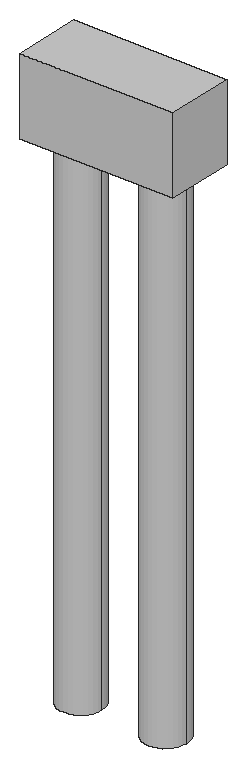
Revit family "桩基承台-2 根桩", category 结构基础, Revit 2016
Family settings
  用于模型行为的材质 = 混凝土
  管帽 = 否
  基于工作平面 = 否
  总是垂直 = 是
  加载时剪切的空心 = 否
  共享 = 否
Parameters (values of type "800 x 1800 x 900mm")
  桩长度 [instance] = 6000 mm
  桩材质 [instance] = 混凝土 - 现场浇注混凝土
  宽度 = 1800 mm
  Structural Material [instance] = 混凝土 - 现场浇注混凝土
  桩类型 = 桩-混凝土圆形桩 : 500mm 直径
  长度 = 800 mm
  桩嵌固 = 150 mm
  桩边距 = 400 mm
  部件代码 = "A1010130"
  厚度 = 900 mm
Reference planes
  plane 1 "中心(前/后)": y = 0
  plane 2: z = 0
  plane 3 "中心(左/右)": x = 0
  plane 4: x = -900
  plane 5: x = 900
  plane 6: y = 400
  plane 7: y = -400
  plane 8: z = -900
  plane 9: x = -500
  plane 10: x = 500
  plane 11: z = -750
Forms (mm)
  Extrusion 1, solid, material "混凝土 - 现场浇注混凝土" <- "Structural Material"
    sketch origin (0, 0, 0) x (1, 0, 0) y (0, 1, 0)
      loop
        line (-900, 400) -> (-900, -400) -> (900, -400) -> (900, 400) -> (-900, 400)
    from -900 to 0
Dimensions and locks
  "宽度": plane 4 to plane 5
  "长度": plane 6 to plane 7
  equal spacing: plane 6, plane 1 "中心(前/后)", plane 7
  equal spacing: plane 4, plane 3 "中心(左/右)", plane 5
  "厚度": plane 2 to plane 8
  "桩边距": plane 4 to plane 9
  "桩边距": plane 10 to plane 5
  "桩嵌固": plane 11 to plane 8
  aligned and locked: plane 4 to Extrusion 1 sketch curve
  aligned and locked: Extrusion 1 sketch curve to plane 5
  aligned and locked: Extrusion 1 sketch curve to plane 6
  aligned and locked: plane 7 to Extrusion 1 sketch curve
  aligned and locked: level to Extrusion 1
  aligned and locked: Extrusion 1 to plane 8
  aligned and locked: plane 1 "中心(前/后)" to nested 2
  aligned and locked: nested 2 to plane 9
  aligned and locked: plane 1 "中心(前/后)" to nested 1
  aligned and locked: plane 10 to nested 1
  aligned and locked: nested 2 to plane 11
  aligned and locked: plane 8 to nested 2
  aligned and locked: nested 1 to plane 11
  aligned and locked: plane 8 to nested 1
Nested families
  nested 1: "桩-混凝土圆形桩" at (500, 0, -900), Structural Material <- "桩材质", 桩长度 <- "桩长度", type <- "桩类型", type "500mm 直径"
    with Structural Material 混凝土 - 现场浇注混凝土, 桩长度 6000 mm, 最小预埋件 150 mm
  nested 2: "桩-混凝土圆形桩" at (-500, 0, -900), Structural Material <- "桩材质", 桩长度 <- "桩长度", type <- "桩类型", type "500mm 直径"
    with Structural Material 混凝土 - 现场浇注混凝土, 桩长度 6000 mm, 最小预埋件 150 mm
Definition of nested family "桩-混凝土圆形桩"
  Parameters (values of type "300mm 直径")
    Structural Material [instance] = none
    半径 = Diameter / 2  # 150 mm
    桩长度 [instance] = 6000 mm
    最小预埋件 [instance] = 100 mm
    Diameter = 300 mm
    Assembly Code = ""
  Types (5, lengths in mm): name | 半径 | 最小预埋件 | Diameter
    (no name) | 150 | 100 | 300
    300mm 直径 | 150 | 100 | 300
    600mm 直径 | 300 | 152 | 600
    400mm 直径 | 200 | 150 | 400
    500mm 直径 | 250 | 150 | 500
  Reference planes
    plane 1 "中心(前/后)": y = 0
    plane 2: z = 0
    plane 3 "中心(左/右)": x = 0
    plane 4: z = -6000
    plane 5: z = 100
  Forms (mm)
    Extrusion 1, solid, material <- "Structural Material"
      sketch origin (0, 0, 0) x (1, 0, 0) y (0, 1, 0)
        loop
          circle (0, 0) r 150
      from -6000 to 100
  Dimensions and locks
    "桩长度": plane 2 to plane 4
    "最小预埋件": plane 5 to plane 2
    "半径": radius of Extrusion 1 sketch curve
    aligned and locked: Extrusion 1 to plane 4
    aligned and locked: Extrusion 1 to plane 5
  Automatic sketch dimensions
    Extrusion 1 sketch curve to plane 1 "中心(前/后)" = 0 mm
    Extrusion 1 sketch curve to plane 3 "中心(左/右)" = 0 mm
